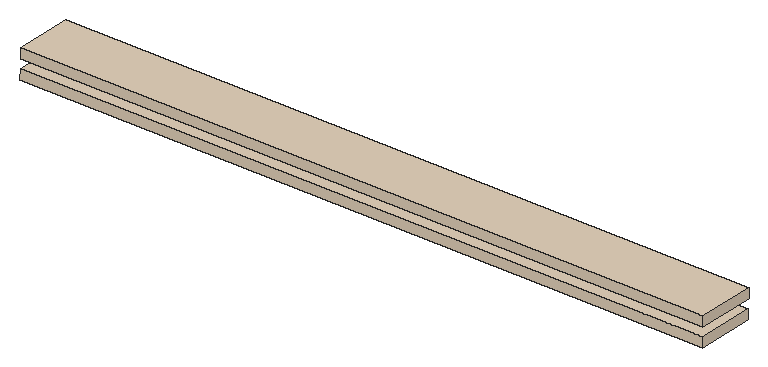
Revit family "PLL - SECONDA CONSEGNA - ASTA FIGLIO", category Generic Models, Revit 2017
Family settings
  Can host rebar = No
  Round Connector Dimension = Use Diameter
  Part Type = Normal
  Cut with Voids When Loaded = No
  Shared = No
  Room Calculation Point = No
Parameters (values of type "1000x200")
  semi h = h / 2  # 62.5 mm
  semi b = b / 2  # 125 mm
  profonditò asta = 3000 mm
  material = PLL - 2^ CONSEGNA - WOOD
  h = 125 mm
  b = 250 mm
  built-in parameter 1001306 [instance] = 3000 mm
Types (3, lengths in mm): name | semi h | semi b | profonditò asta | material | h | b | built-in parameter 1001306
  (no name) | 62.5 | 125 | 3000 | PLL - 2^ CONSEGNA - WOOD | 125 | 250 | 3000
  200x1000 | 500 | 100 | 286.368 | none | 1000 | 200 | 2000
  1000x200 | 62.5 | 125 | 3000 | PLL - 2^ CONSEGNA - WOOD | 125 | 250 | 3000
Reference planes
  plane 1 "Center (Front/Back)": y = 0
  plane 2: z = 0
  plane 3 "Left": x = 0
  plane 4 "Right": x = 3000
  plane 5: y = -125
  plane 6: z = 62.5
  plane 7: y = 125
  plane 8: z = -62.5
  plane 9: z = 20
  plane 10: x = 3000
  plane 11: z = -20
Forms (mm)
  Extrusion 1, solid, material "PLL - 2^ CONSEGNA - WOOD" <- "material"
    sketch origin (0, 0, 0) x (0, 1, 0) y (0, 0, 1)
      loop
        line (125, 62.5) -> (-125, 62.5) -> (-125, -62.5) -> (125, -62.5) -> (125, 62.5)
    from 0 to 3000
  Extrusion 2, void
    sketch origin (0, 0, 0) x (1, 0, 0) y (0, 0, 1)
      loop
        line (-40.885, 20) -> (-40.885, -20) -> (3000, -20) -> (3000, 20) -> (-40.885, 20)
    from -865.238 to 975.798
Cuts and joins
  Extrusion 2 cuts Extrusion 1
Lines and regions (mm)
  reference lines
    curve 1: line (0, 0, 0) -> (3000, 0, 0)
Dimensions and locks
  "built-in parameter 1001306": plane 3 "Left" to plane 4 "Right"
  "semi b": plane 1 "Center (Front/Back)" to plane 5
  "semi h": level to plane 6
  "semi b": plane 7 to plane 1 "Center (Front/Back)"
  "semi h": level to plane 8
  "profonditò asta": plane 10 to plane 3 "Left"
  aligned and locked: plane 4 "Right" to curve 1
  aligned and locked: plane 1 "Center (Front/Back)" to curve 1
  aligned and locked: plane 3 "Left" to curve 1
  aligned and locked: level to plane 2
  aligned and locked: Extrusion 1 to plane 6
  aligned and locked: plane 5 to Extrusion 1
  aligned and locked: plane 4 "Right" to Extrusion 1
  aligned and locked: Extrusion 1 to plane 7
  aligned and locked: Extrusion 1 to plane 8
  aligned and locked: Extrusion 2 sketch curve to plane 9
  aligned and locked: Extrusion 2 sketch curve to plane 10
  aligned and locked: plane 11 to cut or joined group of Extrusion 1, Extrusion 2
Automatic sketch dimensions
  plane 5 to Extrusion 1 sketch curve = 0 mm
  Extrusion 1 sketch curve to plane 1 "Center (Front/Back)" = 125 mm
  Extrusion 1 sketch curve to level = 62.5 mm
  Extrusion 1 sketch curve to plane 6 = 0 mm
  Extrusion 2 sketch curve to plane 3 "Left" = 40.885 mm
  plane 8 to Extrusion 2 sketch curve = 42.5 mm
